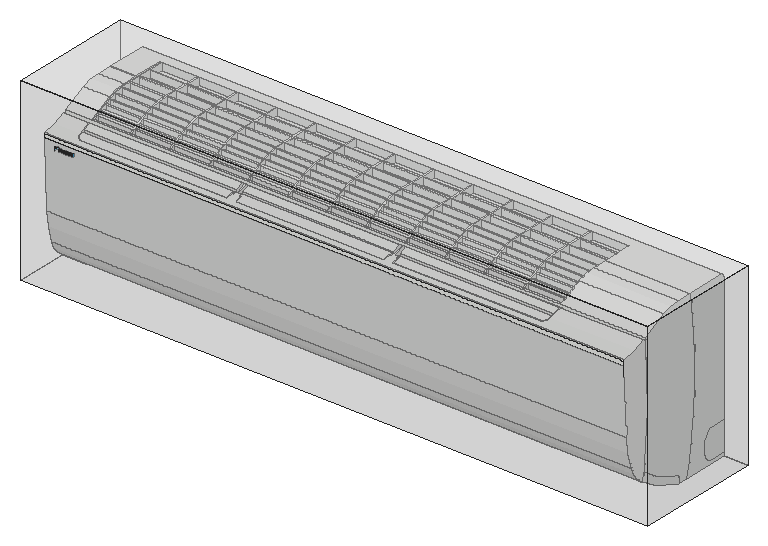
Revit family "outputfile", category 機械設備, Revit 2024 (continued)
Definition of nested family "DAIKIN_indoorunit_FTXM-PAVMA"
  Forms (mm)
    Extrusion 43, void
      sketch origin (2031, -3000, 770.025) x (-1, 0, 0) y (0, -1, 0)
        loop
          line (2469.102, -2827.654) -> (2543, -2827.654) -> (2543, -2819.336) -> (2469.102, -2819.336) -> (2469.102, -2827.654)
        loop
          line (2469.102, -2838.661) -> (2543, -2838.661) -> (2543, -2830.33) -> (2469.102, -2830.33) -> (2469.102, -2838.661)
        loop
          line (2469.102, -2852.675) -> (2543, -2852.675) -> (2543, -2841.325) -> (2469.102, -2841.325) -> (2469.102, -2852.675)
        loop
          line (2469.102, -2868.69) -> (2543, -2868.69) -> (2543, -2855.314) -> (2469.102, -2855.314) -> (2469.102, -2868.69)
        loop
          line (2469.102, -2889.694) -> (2543, -2889.694) -> (2543, -2871.306) -> (2469.102, -2871.306) -> (2469.102, -2889.694)
        loop
          line (2469.102, -2913.694) -> (2543, -2913.694) -> (2543, -2892.306) -> (2469.102, -2892.306) -> (2469.102, -2913.694)
        loop
          line (2469.102, -2941.694) -> (2543, -2941.694) -> (2543, -2916.306) -> (2469.102, -2916.306) -> (2469.102, -2941.694)
        loop
          line (2387.902, -2972.2) -> (2466.102, -2972.2) -> (2466.102, -2944.306) -> (2387.902, -2944.306) -> (2387.902, -2972.2)
        loop
          line (2387.902, -2806.638) -> (2466.102, -2806.638) -> (2466.102, -2799.5) -> (2387.902, -2799.5) -> (2387.902, -2806.638)
        loop
          line (2387.902, -2816.646) -> (2466.102, -2816.646) -> (2466.102, -2809.343) -> (2387.902, -2809.343) -> (2387.902, -2816.646)
        loop
          line (2387.902, -2827.654) -> (2466.102, -2827.654) -> (2466.102, -2819.336) -> (2387.902, -2819.336) -> (2387.902, -2827.654)
        loop
          line (2387.902, -2838.661) -> (2466.102, -2838.661) -> (2466.102, -2830.33) -> (2387.902, -2830.33) -> (2387.902, -2838.661)
        loop
          line (2387.902, -2852.675) -> (2466.102, -2852.675) -> (2466.102, -2841.325) -> (2387.902, -2841.325) -> (2387.902, -2852.675)
        loop
          line (2387.902, -2868.69) -> (2466.102, -2868.69) -> (2466.102, -2855.314) -> (2387.902, -2855.314) -> (2387.902, -2868.69)
        loop
          line (2387.902, -2889.694) -> (2466.102, -2889.694) -> (2466.102, -2871.306) -> (2387.902, -2871.306) -> (2387.902, -2889.694)
        loop
          line (2387.902, -2913.694) -> (2466.102, -2913.694) -> (2466.102, -2892.306) -> (2387.902, -2892.306) -> (2387.902, -2913.694)
        loop
          line (2387.902, -2941.694) -> (2466.102, -2941.694) -> (2466.102, -2916.306) -> (2387.902, -2916.306) -> (2387.902, -2941.694)
        loop
          line (2225.152, -2972.2) -> (2303.702, -2972.2) -> (2303.702, -2944.306) -> (2225.152, -2944.306) -> (2225.152, -2972.2)
        loop
          line (2225.152, -2806.638) -> (2303.702, -2806.638) -> (2303.702, -2799.5) -> (2225.152, -2799.5) -> (2225.152, -2806.638)
        loop
          line (2225.152, -2816.646) -> (2303.702, -2816.646) -> (2303.702, -2809.343) -> (2225.152, -2809.343) -> (2225.152, -2816.646)
        loop
          line (2225.152, -2827.654) -> (2303.702, -2827.654) -> (2303.702, -2819.336) -> (2225.152, -2819.336) -> (2225.152, -2827.654)
        loop
          line (2225.152, -2838.661) -> (2303.702, -2838.661) -> (2303.702, -2830.33) -> (2225.152, -2830.33) -> (2225.152, -2838.661)
        loop
          line (2225.152, -2852.675) -> (2303.702, -2852.675) -> (2303.702, -2841.325) -> (2225.152, -2841.325) -> (2225.152, -2852.675)
        loop
          line (2225.152, -2868.69) -> (2303.702, -2868.69) -> (2303.702, -2855.314) -> (2225.152, -2855.314) -> (2225.152, -2868.69)
        loop
          line (2225.152, -2889.694) -> (2303.702, -2889.694) -> (2303.702, -2871.306) -> (2225.152, -2871.306) -> (2225.152, -2889.694)
        loop
          line (2225.152, -2913.694) -> (2303.702, -2913.694) -> (2303.702, -2892.306) -> (2225.152, -2892.306) -> (2225.152, -2913.694)
        loop
          line (2225.152, -2941.694) -> (2303.702, -2941.694) -> (2303.702, -2916.306) -> (2225.152, -2916.306) -> (2225.152, -2941.694)
        loop
          line (2306.702, -2972.2) -> (2384.902, -2972.2) -> (2384.902, -2944.306) -> (2306.702, -2944.306) -> (2306.702, -2972.2)
        loop
          line (2306.702, -2806.638) -> (2384.902, -2806.638) -> (2384.902, -2799.5) -> (2306.702, -2799.5) -> (2306.702, -2806.638)
        loop
          line (2306.702, -2816.646) -> (2384.902, -2816.646) -> (2384.902, -2809.343) -> (2306.702, -2809.343) -> (2306.702, -2816.646)
        loop
          line (2306.702, -2827.654) -> (2384.902, -2827.654) -> (2384.902, -2819.336) -> (2306.702, -2819.336) -> (2306.702, -2827.654)
        loop
          line (2306.702, -2838.661) -> (2384.902, -2838.661) -> (2384.902, -2830.33) -> (2306.702, -2830.33) -> (2306.702, -2838.661)
        loop
          line (2306.702, -2852.675) -> (2384.902, -2852.675) -> (2384.902, -2841.325) -> (2306.702, -2841.325) -> (2306.702, -2852.675)
        loop
          line (2306.702, -2868.69) -> (2384.902, -2868.69) -> (2384.902, -2855.314) -> (2306.702, -2855.314) -> (2306.702, -2868.69)
        loop
          line (2306.702, -2889.694) -> (2384.902, -2889.694) -> (2384.902, -2871.306) -> (2306.702, -2871.306) -> (2306.702, -2889.694)
        loop
          line (2306.702, -2913.694) -> (2384.902, -2913.694) -> (2384.902, -2892.306) -> (2306.702, -2892.306) -> (2306.702, -2913.694)
        loop
          line (2306.702, -2941.694) -> (2384.902, -2941.694) -> (2384.902, -2916.306) -> (2306.702, -2916.306) -> (2306.702, -2941.694)
        loop
          line (2143.602, -2972.2) -> (2222.652, -2972.2) -> (2222.652, -2944.306) -> (2143.602, -2944.306) -> (2143.602, -2972.2)
        loop
          line (2143.602, -2806.638) -> (2222.652, -2806.638) -> (2222.652, -2799.5) -> (2143.602, -2799.5) -> (2143.602, -2806.638)
        loop
          line (2143.602, -2816.646) -> (2222.652, -2816.646) -> (2222.652, -2809.343) -> (2143.602, -2809.343) -> (2143.602, -2816.646)
        loop
          line (2143.602, -2827.654) -> (2222.652, -2827.654) -> (2222.652, -2819.336) -> (2143.602, -2819.336) -> (2143.602, -2827.654)
        loop
          line (2143.602, -2838.661) -> (2222.652, -2838.661) -> (2222.652, -2830.33) -> (2143.602, -2830.33) -> (2143.602, -2838.661)
        loop
          line (2143.602, -2852.675) -> (2222.652, -2852.675) -> (2222.652, -2841.325) -> (2143.602, -2841.325) -> (2143.602, -2852.675)
        loop
          line (2144.102, -2868.69) -> (2222.652, -2868.69) -> (2222.652, -2855.314) -> (2144.102, -2855.314) -> (2144.102, -2868.69)
        loop
          line (2143.602, -2889.694) -> (2222.652, -2889.694) -> (2222.652, -2871.306) -> (2143.602, -2871.306) -> (2143.602, -2889.694)
        loop
          line (2143.602, -2913.694) -> (2222.652, -2913.694) -> (2222.652, -2892.306) -> (2143.602, -2892.306) -> (2143.602, -2913.694)
        loop
          line (2143.602, -2941.694) -> (2222.652, -2941.694) -> (2222.652, -2916.306) -> (2143.602, -2916.306) -> (2143.602, -2941.694)
        loop
          line (2062.402, -2972.2) -> (2140.602, -2972.2) -> (2140.602, -2944.306) -> (2062.402, -2944.306) -> (2062.402, -2972.2)
        loop
          line (2062.402, -2806.638) -> (2140.602, -2806.638) -> (2140.602, -2799.5) -> (2062.402, -2799.5) -> (2062.402, -2806.638)
        loop
          line (2062.402, -2816.646) -> (2140.602, -2816.646) -> (2140.602, -2809.343) -> (2062.402, -2809.343) -> (2062.402, -2816.646)
        loop
          line (2062.402, -2827.654) -> (2140.602, -2827.654) -> (2140.602, -2819.336) -> (2062.402, -2819.336) -> (2062.402, -2827.654)
        loop
          line (2062.402, -2838.661) -> (2140.602, -2838.661) -> (2140.602, -2830.33) -> (2062.402, -2830.33) -> (2062.402, -2838.661)
        loop
          line (2062.402, -2852.675) -> (2140.602, -2852.675) -> (2140.602, -2841.325) -> (2062.402, -2841.325) -> (2062.402, -2852.675)
        loop
          line (2062.402, -2868.69) -> (2140.602, -2868.69) -> (2140.602, -2855.314) -> (2062.402, -2855.314) -> (2062.402, -2868.69)
        loop
          line (2062.402, -2889.694) -> (2140.602, -2889.694) -> (2140.602, -2871.306) -> (2062.402, -2871.306) -> (2062.402, -2889.694)
        loop
          line (2062.402, -2913.694) -> (2140.602, -2913.694) -> (2140.602, -2892.306) -> (2062.402, -2892.306) -> (2062.402, -2913.694)
        loop
          line (2062.402, -2941.694) -> (2140.602, -2941.694) -> (2140.602, -2916.306) -> (2062.402, -2916.306) -> (2062.402, -2941.694)
        loop
          line (1981.202, -2972.2) -> (2059.402, -2972.2) -> (2059.402, -2944.306) -> (1981.202, -2944.306) -> (1981.202, -2972.2)
        loop
          line (1981.202, -2806.638) -> (2059.402, -2806.638) -> (2059.402, -2799.5) -> (1981.202, -2799.5) -> (1981.202, -2806.638)
        loop
          line (1981.202, -2816.646) -> (2059.402, -2816.646) -> (2059.402, -2809.343) -> (1981.202, -2809.343) -> (1981.202, -2816.646)
        loop
          line (1981.202, -2827.654) -> (2059.402, -2827.654) -> (2059.402, -2819.336) -> (1981.202, -2819.336) -> (1981.202, -2827.654)
        loop
          line (1981.202, -2838.661) -> (2059.402, -2838.661) -> (2059.402, -2830.33) -> (1981.202, -2830.33) -> (1981.202, -2838.661)
        loop
          line (1981.202, -2852.675) -> (2059.402, -2852.675) -> (2059.402, -2841.325) -> (1981.202, -2841.325) -> (1981.202, -2852.675)
        loop
          line (1981.202, -2868.69) -> (2059.402, -2868.69) -> (2059.402, -2855.314) -> (1981.202, -2855.314) -> (1981.202, -2868.69)
        loop
          line (1981.202, -2889.694) -> (2059.402, -2889.694) -> (2059.402, -2871.306) -> (1981.202, -2871.306) -> (1981.202, -2889.694)
        loop
          line (1981.202, -2913.694) -> (2059.402, -2913.694) -> (2059.402, -2892.306) -> (1981.202, -2892.306) -> (1981.202, -2913.694)
        loop
          line (1981.202, -2941.694) -> (2059.402, -2941.694) -> (2059.402, -2916.306) -> (1981.202, -2916.306) -> (1981.202, -2941.694)
        loop
          line (1899.652, -2972.2) -> (1978.202, -2972.2) -> (1978.202, -2944.306) -> (1899.652, -2944.306) -> (1899.652, -2972.2)
        loop
          line (1899.652, -2806.638) -> (1978.202, -2806.638) -> (1978.202, -2799.5) -> (1899.652, -2799.5) -> (1899.652, -2806.638)
        loop
          line (1899.652, -2816.646) -> (1978.202, -2816.646) -> (1978.202, -2809.343) -> (1899.652, -2809.343) -> (1899.652, -2816.646)
        loop
          line (1899.652, -2827.654) -> (1978.202, -2827.654) -> (1978.202, -2819.336) -> (1899.652, -2819.336) -> (1899.652, -2827.654)
        loop
          line (1899.652, -2838.661) -> (1978.202, -2838.661) -> (1978.202, -2830.33) -> (1899.652, -2830.33) -> (1899.652, -2838.661)
        loop
          line (1899.652, -2852.675) -> (1978.202, -2852.675) -> (1978.202, -2841.325) -> (1899.652, -2841.325) -> (1899.652, -2852.675)
        loop
          line (1899.652, -2868.69) -> (1978.202, -2868.69) -> (1978.202, -2855.314) -> (1899.652, -2855.314) -> (1899.652, -2868.69)
        loop
          line (1899.652, -2889.694) -> (1978.202, -2889.694) -> (1978.202, -2871.306) -> (1899.652, -2871.306) -> (1899.652, -2889.694)
        loop
          line (1899.652, -2913.694) -> (1978.202, -2913.694) -> (1978.202, -2892.306) -> (1899.652, -2892.306) -> (1899.652, -2913.694)
        loop
          line (1899.652, -2941.694) -> (1978.202, -2941.694) -> (1978.202, -2916.306) -> (1899.652, -2916.306) -> (1899.652, -2941.694)
        loop
          line (1818.102, -2972.2) -> (1897.152, -2972.2) -> (1897.152, -2944.306) -> (1818.102, -2944.306) -> (1818.102, -2972.2)
        loop
          line (1818.102, -2806.638) -> (1897.152, -2806.638) -> (1897.152, -2799.5) -> (1818.102, -2799.5) -> (1818.102, -2806.638)
        loop
          line (1818.102, -2816.646) -> (1897.152, -2816.646) -> (1897.152, -2809.343) -> (1818.102, -2809.343) -> (1818.102, -2816.646)
        loop
          line (1818.102, -2827.654) -> (1897.152, -2827.654) -> (1897.152, -2819.336) -> (1818.102, -2819.336) -> (1818.102, -2827.654)
        loop
          line (1818.102, -2838.661) -> (1897.152, -2838.661) -> (1897.152, -2830.33) -> (1818.102, -2830.33) -> (1818.102, -2838.661)
        loop
          line (1818.102, -2852.675) -> (1897.152, -2852.675) -> (1897.152, -2841.325) -> (1818.102, -2841.325) -> (1818.102, -2852.675)
        loop
          line (1818.602, -2868.69) -> (1897.152, -2868.69) -> (1897.152, -2855.314) -> (1818.602, -2855.314) -> (1818.602, -2868.69)
        loop
          line (1818.102, -2889.694) -> (1897.152, -2889.694) -> (1897.152, -2871.306) -> (1818.102, -2871.306) -> (1818.102, -2889.694)
        loop
          line (1818.102, -2913.694) -> (1897.152, -2913.694) -> (1897.152, -2892.306) -> (1818.102, -2892.306) -> (1818.102, -2913.694)
        loop
          line (1818.102, -2941.694) -> (1897.152, -2941.694) -> (1897.152, -2916.306) -> (1818.102, -2916.306) -> (1818.102, -2941.694)
        loop
          line (1736.902, -2972.2) -> (1815.102, -2972.2) -> (1815.102, -2944.306) -> (1736.902, -2944.306) -> (1736.902, -2972.2)
        loop
          line (1736.902, -2806.638) -> (1815.102, -2806.638) -> (1815.102, -2799.5) -> (1736.902, -2799.5) -> (1736.902, -2806.638)
        loop
          line (1736.902, -2816.646) -> (1815.102, -2816.646) -> (1815.102, -2809.343) -> (1736.902, -2809.343) -> (1736.902, -2816.646)
        loop
          line (1736.902, -2827.654) -> (1815.102, -2827.654) -> (1815.102, -2819.336) -> (1736.902, -2819.336) -> (1736.902, -2827.654)
        loop
          line (1736.902, -2838.661) -> (1815.102, -2838.661) -> (1815.102, -2830.33) -> (1736.902, -2830.33) -> (1736.902, -2838.661)
        loop
          line (1736.902, -2852.675) -> (1815.102, -2852.675) -> (1815.102, -2841.325) -> (1736.902, -2841.325) -> (1736.902, -2852.675)
        loop
          line (1736.902, -2868.69) -> (1815.102, -2868.69) -> (1815.102, -2855.314) -> (1736.902, -2855.314) -> (1736.902, -2868.69)
        loop
          line (1736.902, -2889.694) -> (1815.102, -2889.694) -> (1815.102, -2871.306) -> (1736.902, -2871.306) -> (1736.902, -2889.694)
        loop
          line (1736.902, -2913.694) -> (1815.102, -2913.694) -> (1815.102, -2892.306) -> (1736.902, -2892.306) -> (1736.902, -2913.694)
        loop
          line (1736.902, -2941.694) -> (1815.102, -2941.694) -> (1815.102, -2916.306) -> (1736.902, -2916.306) -> (1736.902, -2941.694)
        loop
          line (1655.702, -2972.2) -> (1733.902, -2972.2) -> (1733.902, -2944.306) -> (1655.702, -2944.306) -> (1655.702, -2972.2)
        loop
          line (1655.702, -2806.638) -> (1733.902, -2806.638) -> (1733.902, -2799.5) -> (1655.702, -2799.5) -> (1655.702, -2806.638)
        loop
          line (1655.702, -2816.646) -> (1733.902, -2816.646) -> (1733.902, -2809.343) -> (1655.702, -2809.343) -> (1655.702, -2816.646)
        loop
          line (1655.702, -2827.654) -> (1733.902, -2827.654) -> (1733.902, -2819.336) -> (1655.702, -2819.336) -> (1655.702, -2827.654)
        loop
          line (1655.702, -2838.661) -> (1733.902, -2838.661) -> (1733.902, -2830.33) -> (1655.702, -2830.33) -> (1655.702, -2838.661)
        loop
          line (1655.702, -2852.675) -> (1733.902, -2852.675) -> (1733.902, -2841.325) -> (1655.702, -2841.325) -> (1655.702, -2852.675)
        loop
          line (1655.702, -2868.69) -> (1733.902, -2868.69) -> (1733.902, -2855.314) -> (1655.702, -2855.314) -> (1655.702, -2868.69)
        loop
          line (1655.702, -2889.694) -> (1733.902, -2889.694) -> (1733.902, -2871.306) -> (1655.702, -2871.306) -> (1655.702, -2889.694)
        loop
          line (1655.702, -2913.694) -> (1733.902, -2913.694) -> (1733.902, -2892.306) -> (1655.702, -2892.306) -> (1655.702, -2913.694)
        loop
          line (1655.702, -2941.694) -> (1733.902, -2941.694) -> (1733.902, -2916.306) -> (1655.702, -2916.306) -> (1655.702, -2941.694)
        loop
          line (1575, -2972.2) -> (1652.702, -2972.2) -> (1652.702, -2944.306) -> (1575, -2944.306) -> (1575, -2972.2)
        loop
          line (1575, -2806.638) -> (1652.702, -2806.638) -> (1652.702, -2799.5) -> (1575, -2799.5) -> (1575, -2806.638)
        loop
          line (1575, -2816.646) -> (1652.702, -2816.646) -> (1652.702, -2809.343) -> (1575, -2809.343) -> (1575, -2816.646)
        loop
          line (1575, -2827.654) -> (1652.702, -2827.654) -> (1652.702, -2819.336) -> (1575, -2819.336) -> (1575, -2827.654)
        loop
          line (1575, -2838.661) -> (1652.702, -2838.661) -> (1652.702, -2830.33) -> (1575, -2830.33) -> (1575, -2838.661)
        loop
          line (1575, -2852.675) -> (1652.702, -2852.675) -> (1652.702, -2841.325) -> (1575, -2841.325) -> (1575, -2852.675)
        loop
          line (1575, -2868.69) -> (1652.702, -2868.69) -> (1652.702, -2855.314) -> (1575, -2855.314) -> (1575, -2868.69)
        loop
          line (1575, -2889.694) -> (1652.702, -2889.694) -> (1652.702, -2871.306) -> (1575, -2871.306) -> (1575, -2889.694)
        loop
          line (1575, -2913.694) -> (1652.702, -2913.694) -> (1652.702, -2892.306) -> (1575, -2892.306) -> (1575, -2913.694)
        loop
          line (1575, -2941.694) -> (1652.702, -2941.694) -> (1652.702, -2916.306) -> (1575, -2916.306) -> (1575, -2941.694)
      from -762.353 to -819.974
  Cuts and joins
    Extrusion 9 cuts Extrusion 1
    Extrusion 10 cuts Extrusion 4
    joined: Extrusion 3, Extrusion 4
    Extrusion 18 cuts Extrusion 15
    Extrusion 19 cuts Extrusion 24
    joined: Extrusion 17, Extrusion 24
    Extrusion 43 cuts Extrusion 39
    Extrusion 38 cuts Extrusion 33
    Extrusion 38 cuts Extrusion 32
    Extrusion 40 cuts Extrusion 37
    Extrusion 42 cuts Extrusion 41
    Extrusion 35 cuts Extrusion 34
  Lines and regions (mm)
    reference lines
      curve 1: line (-523, -201.911, -229.404) -> (-523, -193.542, -239.977)
      curve 2: line (-523, -240.779, -229.404) -> (-523, -232.411, -239.977)
      curve 3: line (-523, -258.828, -65.45) -> (-523, -258.639, -75.448)
  Dimensions and locks
    locked: Extrusion 10 sketch curve to Extrusion 10 sketch curve at 1194
    Extrusion 10 sketch curve to Extrusion 10 sketch curve = 1194.0 mm
    locked: Extrusion 12 sketch curve to Extrusion 12 sketch curve at 60
    locked: Extrusion 12 sketch curve to Extrusion 12 sketch curve at 50
    locked: Extrusion 14 sketch curve to Extrusion 14 sketch curve at 60  (x2)
    locked: Extrusion 14 sketch curve to Extrusion 14 sketch curve at 50
    equal spacing: plane 5, plane 3 "Center (Left/Right)", plane 4
    "Width": plane 5 to plane 4
    "WALL HOLE_L": Extrusion 11 sketch curve to plane 4
    "WALL HOLE-R": plane 5 to Extrusion 11 sketch curve
    "Height": plane 2 "reference_level" to plane 6
    "WALL HOLE_H": Extrusion 11 sketch curve to plane 6  (x2)
    locked: cut or joined group of Extrusion 3, Extrusion 4, Extrusion 10 to nested 1 at 15
    locked: Extrusion 17 to nested 2 at 15
    locked: Extrusion 26 sketch curve to Extrusion 26 sketch curve at 60
    locked: Extrusion 26 sketch curve to Extrusion 26 sketch curve at 50
    locked: Extrusion 27 sketch curve to Extrusion 27 sketch curve at 60
    locked: Extrusion 27 sketch curve to Extrusion 27 sketch curve at 50
    locked: Extrusion 28 sketch curve to Extrusion 28 sketch curve at 60  (x2)
    locked: Extrusion 28 sketch curve to Extrusion 28 sketch curve at 50  (x2)
    locked: Extrusion 29 sketch curve to Extrusion 29 sketch curve at 60
    locked: Extrusion 29 sketch curve to Extrusion 29 sketch curve at 50
    locked: Extrusion 31 sketch curve to Extrusion 31 sketch curve at 60  (x2)
    locked: Extrusion 31 sketch curve to Extrusion 31 sketch curve at 50
    "WALL HOLE Size": diameter of Extrusion 11 sketch curve  (x2)
    aligned and locked: level to plane 2 "reference_level"
    aligned and locked: nested 1 to curve 1
    aligned and locked: Extrusion 13 sketch curve to Extrusion 12  (x4)
    aligned and locked: Extrusion 14 sketch curve to Extrusion 14 sketch curve  (x2)
    aligned and locked: Extrusion 11 to plane 1 "Center (Front/Back)"
    aligned and locked: nested 2 to curve 2
    aligned and locked: Extrusion 30 sketch curve to Extrusion 29  (x4)
    aligned and locked: Extrusion 31 sketch curve to Extrusion 31 sketch curve  (x2)
  Automatic sketch dimensions
    Extrusion 10 sketch curve to plane 3 "Center (Left/Right)" = 597.0 mm
    Extrusion 10 sketch curve to plane 3 "Center (Left/Right)" = 2.0 mm
    Extrusion 10 sketch curve to level = 352.872 mm
    Extrusion 10 sketch curve to level = 175.856 mm
    Extrusion 10 sketch curve to level = 174.907 mm
    curve 1 to level = 239.977 mm
    plane 1 "Center (Front/Back)" to curve 1 = 193.542 mm
    curve 2 to curve 1 = 0.0 mm
    curve 2 to curve 2 = 10.573 mm
    curve 1 to curve 1 = 10.573 mm
    curve 1 to curve 1 = 8.368 mm
    curve 1 to curve 2 = 30.5 mm
    curve 2 to curve 2 = 8.368 mm
    Extrusion 19 sketch curve to plane 3 "Center (Left/Right)" = 707.0 mm
    plane 3 "Center (Left/Right)" to Extrusion 19 sketch curve = 2.0 mm
    plane 3 "Center (Left/Right)" to Extrusion 19 sketch curve = 707.0 mm
    Extrusion 19 sketch curve to level = 372.872 mm
    Extrusion 19 sketch curve to level = 162.4 mm
    Extrusion 19 sketch curve to level = 161.567 mm
    Extrusion 1 sketch curve to level = 0.0 mm
    Extrusion 1 sketch curve to plane 1 "Center (Front/Back)" = 0.0 mm
    plane 1 "Center (Front/Back)" to Extrusion 1 sketch curve = 5.0 mm
    plane 1 "Center (Front/Back)" to Extrusion 1 sketch curve = 98.0 mm
    Extrusion 1 sketch curve to Extrusion 1 sketch curve = 0.07 mm
    Extrusion 1 sketch curve to level = 59.292 mm
    Extrusion 1 sketch curve to plane 1 "Center (Front/Back)" = 1977.0 mm
    Extrusion 1 sketch curve to level = 250.0 mm
    Extrusion 1 sketch curve to Extrusion 1 sketch curve = 0.0 mm
    Extrusion 1 sketch curve to level = 8.0 mm
    Extrusion 1 sketch curve to level = 28.427 mm
    plane 1 "Center (Front/Back)" to Extrusion 2 sketch curve = 180.748 mm
    Extrusion 2 sketch curve to Extrusion 2 sketch curve = 4.0 mm
    Extrusion 2 sketch curve to Extrusion 2 sketch curve = 77.747 mm
    plane 1 "Center (Front/Back)" to Extrusion 2 sketch curve = 59.279 mm
    Extrusion 2 sketch curve to Extrusion 2 sketch curve = 0.0 mm
    Extrusion 2 sketch curve to level = 283.538 mm
    Extrusion 2 sketch curve to Extrusion 2 sketch curve = 8.116 mm
    Extrusion 2 sketch curve to Extrusion 2 sketch curve = 21.583 mm
    Extrusion 2 sketch curve to Extrusion 2 sketch curve = 6.929 mm
    Extrusion 3 sketch curve to level = 19.961 mm
    plane 1 "Center (Front/Back)" to Extrusion 3 sketch curve = 223.0 mm
    Extrusion 3 sketch curve to level = 17.235 mm
    Extrusion 3 sketch curve to Extrusion 3 sketch curve = 8.406 mm
    plane 1 "Center (Front/Back)" to Extrusion 3 sketch curve = 181.517 mm
    Extrusion 3 sketch curve to Extrusion 3 sketch curve = 4.087 mm
    Extrusion 3 sketch curve to Extrusion 3 sketch curve = 69.11 mm
    Extrusion 3 sketch curve to Extrusion 3 sketch curve = 0.001 mm
    Extrusion 3 sketch curve to plane 1 "Center (Front/Back)" = 8.955 mm
    Extrusion 3 sketch curve to Extrusion 3 sketch curve = 0.067 mm
    Extrusion 3 sketch curve to level = 60.455 mm
    Extrusion 3 sketch curve to Extrusion 3 sketch curve = 1917.898 mm
    Extrusion 3 sketch curve to Extrusion 3 sketch curve = 44.907 mm
    Extrusion 3 sketch curve to Extrusion 3 sketch curve = 5.172 mm
    Extrusion 3 sketch curve to level = 150.456 mm
    Extrusion 3 sketch curve to Extrusion 3 sketch curve = 0.006 mm
    Extrusion 3 sketch curve to Extrusion 3 sketch curve = 19.265 mm
    Extrusion 3 sketch curve to Extrusion 3 sketch curve = 0.004 mm
    Extrusion 3 sketch curve to Extrusion 3 sketch curve = 76.368 mm
    Extrusion 3 sketch curve to Extrusion 3 sketch curve = 7.077 mm
    Extrusion 3 sketch curve to Extrusion 3 sketch curve = 1.002 mm
    Extrusion 3 sketch curve to Extrusion 3 sketch curve = 0.046 mm
    Extrusion 3 sketch curve to Extrusion 3 sketch curve = 8.005 mm
    Extrusion 3 sketch curve to Extrusion 3 sketch curve = 0.147 mm
    Extrusion 3 sketch curve to Extrusion 3 sketch curve = 0.0 mm
    plane 1 "Center (Front/Back)" to Extrusion 4 sketch curve = 217.853 mm
    Extrusion 4 sketch curve to Extrusion 4 sketch curve = 4.664 mm
    Extrusion 4 sketch curve to Extrusion 4 sketch curve = 26.964 mm
    Extrusion 4 sketch curve to Extrusion 4 sketch curve = 4.708 mm
    Extrusion 4 sketch curve to Extrusion 4 sketch curve = 1.92 mm
    Extrusion 4 sketch curve to Extrusion 4 sketch curve = 68.441 mm
    Extrusion 4 sketch curve to Extrusion 4 sketch curve = 2.837 mm
    Extrusion 4 sketch curve to Extrusion 4 sketch curve = 38.066 mm
    level to Extrusion 4 sketch curve = 640.031 mm
    Extrusion 4 sketch curve to plane 1 "Center (Front/Back)" = 3958.661 mm
    Extrusion 4 sketch curve to level = 111.946 mm
    Extrusion 4 sketch curve to Extrusion 4 sketch curve = 57.779 mm
    Extrusion 4 sketch curve to Extrusion 4 sketch curve = 3.149 mm
    Extrusion 4 sketch curve to Extrusion 4 sketch curve = 14.078 mm
    Extrusion 4 sketch curve to Extrusion 4 sketch curve = 0.754 mm
    Extrusion 4 sketch curve to Extrusion 4 sketch curve = 0.239 mm
    Extrusion 4 sketch curve to Extrusion 4 sketch curve = 3.324 mm
    Extrusion 4 sketch curve to Extrusion 4 sketch curve = 0.0 mm
    Extrusion 5 sketch curve to plane 1 "Center (Front/Back)" = 0.0 mm
    plane 1 "Center (Front/Back)" to Extrusion 5 sketch curve = 59.278 mm
    Extrusion 5 sketch curve to Extrusion 5 sketch curve = 98.0 mm
    Extrusion 5 sketch curve to Extrusion 5 sketch curve = 0.0 mm  (x3)
    Extrusion 5 sketch curve to level = 8.0 mm
    Extrusion 5 sketch curve to Extrusion 5 sketch curve = 38.791 mm
    Extrusion 5 sketch curve to Extrusion 5 sketch curve = 10.249 mm
    Extrusion 5 sketch curve to plane 1 "Center (Front/Back)" = 9.11 mm
    Extrusion 5 sketch curve to level = 59.292 mm
    Extrusion 5 sketch curve to Extrusion 5 sketch curve = 1967.89 mm
    Extrusion 5 sketch curve to Extrusion 5 sketch curve = 142.454 mm
    Extrusion 5 sketch curve to Extrusion 5 sketch curve = 19.271 mm
    Extrusion 5 sketch curve to Extrusion 5 sketch curve = 80.275 mm
    Extrusion 5 sketch curve to Extrusion 5 sketch curve = 24.579 mm
    Extrusion 5 sketch curve to Extrusion 5 sketch curve = 10.421 mm
    Extrusion 5 sketch curve to level = 46.847 mm
    Extrusion 5 sketch curve to Extrusion 5 sketch curve = 77.412 mm
    Extrusion 5 sketch curve to Extrusion 5 sketch curve = 33.49 mm
    Extrusion 5 sketch curve to Extrusion 5 sketch curve = 2.68 mm
    plane 1 "Center (Front/Back)" to Extrusion 6 sketch curve = 180.748 mm
    Extrusion 6 sketch curve to Extrusion 6 sketch curve = 4.0 mm
    Extrusion 6 sketch curve to Extrusion 6 sketch curve = 77.747 mm
    plane 1 "Center (Front/Back)" to Extrusion 6 sketch curve = 59.279 mm
    Extrusion 6 sketch curve to Extrusion 6 sketch curve = 0.0 mm
    Extrusion 6 sketch curve to level = 283.538 mm
    Extrusion 6 sketch curve to Extrusion 6 sketch curve = 8.116 mm
    Extrusion 6 sketch curve to Extrusion 6 sketch curve = 21.583 mm
    Extrusion 6 sketch curve to Extrusion 6 sketch curve = 6.929 mm
    plane 1 "Center (Front/Back)" to Extrusion 7 sketch curve = 180.748 mm
    Extrusion 7 sketch curve to Extrusion 7 sketch curve = 4.0 mm
    Extrusion 7 sketch curve to Extrusion 7 sketch curve = 65.247 mm
    plane 1 "Center (Front/Back)" to Extrusion 7 sketch curve = 59.279 mm
    Extrusion 7 sketch curve to Extrusion 7 sketch curve = 0.0 mm
    Extrusion 7 sketch curve to level = 281.097 mm
    Extrusion 7 sketch curve to Extrusion 7 sketch curve = 8.203 mm
    Extrusion 7 sketch curve to Extrusion 7 sketch curve = 19.055 mm
    Extrusion 7 sketch curve to Extrusion 7 sketch curve = 6.929 mm
    plane 1 "Center (Front/Back)" to Extrusion 8 sketch curve = 180.748 mm
    Extrusion 8 sketch curve to Extrusion 8 sketch curve = 4.0 mm
    Extrusion 8 sketch curve to Extrusion 8 sketch curve = 65.247 mm
    plane 1 "Center (Front/Back)" to Extrusion 8 sketch curve = 59.279 mm
    Extrusion 8 sketch curve to Extrusion 8 sketch curve = 0.0 mm
    Extrusion 8 sketch curve to level = 281.097 mm
    Extrusion 8 sketch curve to Extrusion 8 sketch curve = 8.203 mm
    Extrusion 8 sketch curve to Extrusion 8 sketch curve = 19.055 mm
    Extrusion 8 sketch curve to Extrusion 8 sketch curve = 6.929 mm
    plane 1 "Center (Front/Back)" to Extrusion 9 sketch curve = 165.259 mm  (x2)
    Extrusion 9 sketch curve to plane 3 "Center (Left/Right)" = 354.941 mm
    plane 1 "Center (Front/Back)" to Extrusion 9 sketch curve = 22.316 mm  (x3)
    Extrusion 9 sketch curve to Extrusion 9 sketch curve = 0.0 mm  (x26)
    Extrusion 9 sketch curve to Extrusion 9 sketch curve = 102.268 mm  (x2)
    Extrusion 9 sketch curve to Extrusion 9 sketch curve = 3.332 mm  (x4)
    Extrusion 9 sketch curve to Extrusion 9 sketch curve = 97.768 mm  (x2)
    Extrusion 9 sketch curve to Extrusion 9 sketch curve = 3.264 mm  (x3)
    plane 3 "Center (Left/Right)" to Extrusion 9 sketch curve = 58.309 mm
    Extrusion 9 sketch curve to Extrusion 9 sketch curve = 3.38 mm  (x3)
    Extrusion 9 sketch curve to Extrusion 9 sketch curve = 2.124 mm  (x6)
    Extrusion 9 sketch curve to Extrusion 9 sketch curve = 25.299 mm  (x2)
    Extrusion 9 sketch curve to Extrusion 9 sketch curve = 70.6 mm
    Extrusion 9 sketch curve to Extrusion 9 sketch curve = 3.317 mm  (x4)
    Extrusion 12 sketch curve to plane 1 "Center (Front/Back)" = 0.0 mm
    Extrusion 12 sketch curve to Extrusion 12 sketch curve = 20.0 mm  (x2)
    Extrusion 12 sketch curve to level = 277.0 mm
    plane 1 "Center (Front/Back)" to Extrusion 14 sketch curve = 0.0 mm
    plane 3 "Center (Left/Right)" to Extrusion 14 sketch curve = 374.0 mm
    Extrusion 14 sketch curve to Extrusion 14 sketch curve = 20.0 mm  (x3)
    plane 1 "Center (Front/Back)" to Extrusion 14 sketch curve = 30.0 mm
    Extrusion 14 sketch curve to plane 3 "Center (Left/Right)" = 314.0 mm
    Extrusion 15 sketch curve to level = 0.0 mm
    Extrusion 15 sketch curve to plane 1 "Center (Front/Back)" = 0.0 mm
    plane 1 "Center (Front/Back)" to Extrusion 15 sketch curve = 5.0 mm
    Extrusion 15 sketch curve to Extrusion 15 sketch curve = 133.0 mm
    Extrusion 15 sketch curve to Extrusion 15 sketch curve = 0.013 mm
    Extrusion 15 sketch curve to level = 59.292 mm
    Extrusion 15 sketch curve to plane 1 "Center (Front/Back)" = 1937.0 mm
    Extrusion 15 sketch curve to Extrusion 15 sketch curve = 250.0 mm
    Extrusion 15 sketch curve to Extrusion 15 sketch curve = 4.393 mm
    Extrusion 15 sketch curve to level = 8.0 mm
    Extrusion 15 sketch curve to level = 28.427 mm
    plane 1 "Center (Front/Back)" to Extrusion 16 sketch curve = 218.957 mm
    Extrusion 16 sketch curve to Extrusion 16 sketch curve = 5.601 mm
    Extrusion 16 sketch curve to Extrusion 16 sketch curve = 65.735 mm
    Extrusion 16 sketch curve to Extrusion 16 sketch curve = 1.462 mm
    plane 1 "Center (Front/Back)" to Extrusion 16 sketch curve = 108.136 mm
    Extrusion 16 sketch curve to Extrusion 16 sketch curve = 14.543 mm
    plane 1 "Center (Front/Back)" to Extrusion 16 sketch curve = 92.093 mm
    Extrusion 16 sketch curve to Extrusion 16 sketch curve = 1.354 mm
    Extrusion 16 sketch curve to level = 294.995 mm
    Extrusion 16 sketch curve to Extrusion 16 sketch curve = 8.909 mm
    Extrusion 16 sketch curve to Extrusion 16 sketch curve = 31.937 mm
    Extrusion 16 sketch curve to Extrusion 16 sketch curve = 7.433 mm
    Extrusion 16 sketch curve to Extrusion 16 sketch curve = 75.403 mm
    Extrusion 16 sketch curve to Extrusion 16 sketch curve = 0.896 mm
    Extrusion 16 sketch curve to level = 72.504 mm
    Extrusion 16 sketch curve to Extrusion 16 sketch curve = 0.504 mm
    Extrusion 17 sketch curve to level = 19.962 mm
    plane 1 "Center (Front/Back)" to Extrusion 17 sketch curve = 263.0 mm
    Extrusion 17 sketch curve to level = 17.23 mm
    Extrusion 17 sketch curve to Extrusion 17 sketch curve = 8.406 mm
    Extrusion 17 sketch curve to Extrusion 17 sketch curve = 43.283 mm
    Extrusion 17 sketch curve to Extrusion 17 sketch curve = 5.011 mm
    Extrusion 17 sketch curve to Extrusion 17 sketch curve = 49.129 mm
    Extrusion 17 sketch curve to Extrusion 17 sketch curve = 19.417 mm
    Extrusion 17 sketch curve to Extrusion 17 sketch curve = 50.037 mm
    Extrusion 17 sketch curve to Extrusion 17 sketch curve = 8.89 mm
    Extrusion 17 sketch curve to level = 61.6 mm
    Extrusion 17 sketch curve to plane 1 "Center (Front/Back)" = 1754.341 mm
    Extrusion 17 sketch curve to level = 58.909 mm
    Extrusion 17 sketch curve to Extrusion 17 sketch curve = 113.192 mm
    Extrusion 17 sketch curve to Extrusion 17 sketch curve = 69.467 mm
    Extrusion 17 sketch curve to level = 146.886 mm
    Extrusion 17 sketch curve to Extrusion 17 sketch curve = 3.987 mm
    Extrusion 17 sketch curve to Extrusion 17 sketch curve = 20.44 mm
    Extrusion 17 sketch curve to Extrusion 17 sketch curve = 13.597 mm
    Extrusion 17 sketch curve to Extrusion 17 sketch curve = 61.936 mm
    Extrusion 17 sketch curve to Extrusion 17 sketch curve = 6.649 mm
    Extrusion 17 sketch curve to level = 59.438 mm
    Extrusion 17 sketch curve to Extrusion 17 sketch curve = 0.0 mm
    Extrusion 17 sketch curve to Extrusion 17 sketch curve = 0.147 mm
    Extrusion 17 sketch curve to Extrusion 17 sketch curve = 7.808 mm
    plane 1 "Center (Front/Back)" to Extrusion 18 sketch curve = 22.316 mm  (x6)
    Extrusion 18 sketch curve to plane 3 "Center (Left/Right)" = 464.909 mm
    Extrusion 18 sketch curve to Extrusion 18 sketch curve = 0.0 mm  (x27)
    Extrusion 18 sketch curve to Extrusion 18 sketch curve = 100.606 mm  (x7)
    Extrusion 18 sketch curve to Extrusion 18 sketch curve = 3.594 mm  (x16)
    Extrusion 18 sketch curve to plane 3 "Center (Left/Right)" = 51.704 mm
    plane 3 "Center (Left/Right)" to Extrusion 18 sketch curve = 52.496 mm  (x2)
    Extrusion 18 sketch curve to Extrusion 18 sketch curve = 89.026 mm  (x6)
    Extrusion 18 sketch curve to Extrusion 18 sketch curve = 3.117 mm  (x8)
    Extrusion 18 sketch curve to Extrusion 18 sketch curve = 70.6 mm  (x7)
    Extrusion 18 sketch curve to Extrusion 18 sketch curve = 2.324 mm  (x8)
    Extrusion 18 sketch curve to Extrusion 18 sketch curve = 45.299 mm  (x7)
    plane 1 "Center (Front/Back)" to Extrusion 20 sketch curve = 218.957 mm
    Extrusion 20 sketch curve to Extrusion 20 sketch curve = 5.601 mm
    Extrusion 20 sketch curve to Extrusion 20 sketch curve = 65.735 mm
    Extrusion 20 sketch curve to Extrusion 20 sketch curve = 1.462 mm
    plane 1 "Center (Front/Back)" to Extrusion 20 sketch curve = 108.136 mm
    Extrusion 20 sketch curve to Extrusion 20 sketch curve = 14.543 mm
    plane 1 "Center (Front/Back)" to Extrusion 20 sketch curve = 92.093 mm
    Extrusion 20 sketch curve to Extrusion 20 sketch curve = 1.354 mm
    Extrusion 20 sketch curve to level = 72.0 mm
    Extrusion 20 sketch curve to Extrusion 20 sketch curve = 0.504 mm
    Extrusion 20 sketch curve to Extrusion 20 sketch curve = 98.416 mm
    Extrusion 20 sketch curve to Extrusion 20 sketch curve = 0.896 mm
    Extrusion 20 sketch curve to Extrusion 20 sketch curve = 76.3 mm
    Extrusion 20 sketch curve to Extrusion 20 sketch curve = 7.433 mm
    Extrusion 20 sketch curve to Extrusion 20 sketch curve = 26.684 mm
    Extrusion 20 sketch curve to Extrusion 20 sketch curve = 8.909 mm
    plane 1 "Center (Front/Back)" to Extrusion 21 sketch curve = 218.957 mm
    Extrusion 21 sketch curve to Extrusion 21 sketch curve = 5.601 mm
    Extrusion 21 sketch curve to Extrusion 21 sketch curve = 65.735 mm
    Extrusion 21 sketch curve to Extrusion 21 sketch curve = 1.462 mm
    Extrusion 21 sketch curve to Extrusion 21 sketch curve = 83.356 mm
    plane 1 "Center (Front/Back)" to Extrusion 21 sketch curve = 92.093 mm
    Extrusion 21 sketch curve to Extrusion 21 sketch curve = 1.354 mm
    Extrusion 21 sketch curve to level = 291.755 mm
    Extrusion 21 sketch curve to Extrusion 21 sketch curve = 8.588 mm
    Extrusion 21 sketch curve to Extrusion 21 sketch curve = 29.018 mm
    Extrusion 21 sketch curve to Extrusion 21 sketch curve = 7.433 mm
    Extrusion 21 sketch curve to Extrusion 21 sketch curve = 75.403 mm
    Extrusion 21 sketch curve to Extrusion 21 sketch curve = 0.896 mm
    Extrusion 21 sketch curve to level = 72.504 mm
    Extrusion 21 sketch curve to Extrusion 21 sketch curve = 0.504 mm
    plane 1 "Center (Front/Back)" to Extrusion 22 sketch curve = 164.0 mm
    Extrusion 22 sketch curve to Extrusion 22 sketch curve = 34.0 mm
    plane 1 "Center (Front/Back)" to Extrusion 22 sketch curve = 92.093 mm
    Extrusion 22 sketch curve to Extrusion 22 sketch curve = 1.354 mm
    Extrusion 22 sketch curve to level = 291.755 mm
    Extrusion 22 sketch curve to Extrusion 22 sketch curve = 8.588 mm
    Extrusion 22 sketch curve to Extrusion 22 sketch curve = 0.077 mm
    Extrusion 22 sketch curve to Extrusion 22 sketch curve = 9.207 mm
    plane 1 "Center (Front/Back)" to Extrusion 23 sketch curve = 218.957 mm
    Extrusion 23 sketch curve to Extrusion 23 sketch curve = 5.601 mm
    Extrusion 23 sketch curve to Extrusion 23 sketch curve = 49.356 mm
    Extrusion 23 sketch curve to Extrusion 23 sketch curve = 65.735 mm
    Extrusion 23 sketch curve to Extrusion 23 sketch curve = 1.462 mm
    plane 1 "Center (Front/Back)" to Extrusion 23 sketch curve = 92.093 mm
    Extrusion 23 sketch curve to Extrusion 23 sketch curve = 1.354 mm
    Extrusion 23 sketch curve to level = 283.089 mm
    Extrusion 23 sketch curve to Extrusion 23 sketch curve = 9.207 mm
    Extrusion 23 sketch curve to Extrusion 23 sketch curve = 19.733 mm
    Extrusion 23 sketch curve to Extrusion 23 sketch curve = 7.433 mm
    Extrusion 23 sketch curve to Extrusion 23 sketch curve = 75.403 mm
    Extrusion 23 sketch curve to Extrusion 23 sketch curve = 0.896 mm
    Extrusion 23 sketch curve to level = 72.504 mm
    Extrusion 23 sketch curve to Extrusion 23 sketch curve = 0.504 mm
    Extrusion 24 sketch curve to level = 276.055 mm
    plane 1 "Center (Front/Back)" to Extrusion 24 sketch curve = 639.709 mm
    plane 1 "Center (Front/Back)" to Extrusion 24 sketch curve = 258.299 mm
    Extrusion 24 sketch curve to Extrusion 24 sketch curve = 2.64 mm
    Extrusion 24 sketch curve to Extrusion 24 sketch curve = 35.942 mm
    Extrusion 24 sketch curve to Extrusion 24 sketch curve = 1.937 mm
    Extrusion 24 sketch curve to Extrusion 24 sketch curve = 20.299 mm
    Extrusion 24 sketch curve to Extrusion 24 sketch curve = 45.88 mm
    Extrusion 24 sketch curve to Extrusion 24 sketch curve = 41.737 mm
    Extrusion 24 sketch curve to Extrusion 24 sketch curve = 13.741 mm
    Extrusion 24 sketch curve to Extrusion 24 sketch curve = 3.448 mm
    Extrusion 24 sketch curve to level = 253.495 mm
    Extrusion 24 sketch curve to Extrusion 24 sketch curve = 2.571 mm
    Extrusion 24 sketch curve to Extrusion 24 sketch curve = 37.558 mm
    Extrusion 24 sketch curve to Extrusion 24 sketch curve = 33.63 mm
    Extrusion 24 sketch curve to Extrusion 24 sketch curve = 0.492 mm
    Extrusion 24 sketch curve to Extrusion 24 sketch curve = 40.059 mm
    Extrusion 24 sketch curve to Extrusion 24 sketch curve = 22.435 mm
    Extrusion 24 sketch curve to Extrusion 24 sketch curve = 1.992 mm
    Extrusion 24 sketch curve to Extrusion 24 sketch curve = 37.063 mm
    Extrusion 24 sketch curve to Extrusion 24 sketch curve = 0.0 mm
    Extrusion 24 sketch curve to Extrusion 24 sketch curve = 4.147 mm
    Extrusion 25 sketch curve to Extrusion 25 sketch curve = 0.0 mm  (x4)
    Extrusion 25 sketch curve to plane 1 "Center (Front/Back)" = 0.0 mm
    plane 1 "Center (Front/Back)" to Extrusion 25 sketch curve = 87.233 mm
    Extrusion 25 sketch curve to Extrusion 25 sketch curve = 3.506 mm
    Extrusion 25 sketch curve to Extrusion 25 sketch curve = 92.593 mm
    Extrusion 25 sketch curve to Extrusion 25 sketch curve = 45.42 mm
    Extrusion 25 sketch curve to Extrusion 25 sketch curve = 58.927 mm
    Extrusion 25 sketch curve to Extrusion 25 sketch curve = 74.393 mm
    Extrusion 25 sketch curve to Extrusion 25 sketch curve = 2.031 mm
    Extrusion 25 sketch curve to level = 58.927 mm
    Extrusion 25 sketch curve to plane 1 "Center (Front/Back)" = 1866.935 mm
    Extrusion 25 sketch curve to level = 72.504 mm
    Extrusion 25 sketch curve to Extrusion 25 sketch curve = 74.381 mm
    Extrusion 25 sketch curve to Extrusion 25 sketch curve = 24.427 mm
    Extrusion 25 sketch curve to Extrusion 25 sketch curve = 74.426 mm
    Extrusion 25 sketch curve to Extrusion 25 sketch curve = 0.483 mm
    Extrusion 25 sketch curve to Extrusion 25 sketch curve = 4.137 mm
    Extrusion 25 sketch curve to Extrusion 25 sketch curve = 31.393 mm
    Extrusion 25 sketch curve to Extrusion 25 sketch curve = 9.215 mm
    Extrusion 25 sketch curve to level = 8.0 mm
    Extrusion 26 sketch curve to plane 1 "Center (Front/Back)" = 0.0 mm
    Extrusion 26 sketch curve to Extrusion 26 sketch curve = 20.0 mm  (x2)
    Extrusion 26 sketch curve to level = 287.035 mm
    Extrusion 27 sketch curve to plane 1 "Center (Front/Back)" = 0.0 mm
    Extrusion 27 sketch curve to Extrusion 27 sketch curve = 20.0 mm  (x2)
    Extrusion 27 sketch curve to level = 287.035 mm
    plane 1 "Center (Front/Back)" to Extrusion 28 sketch curve = 0.0 mm  (x2)
    plane 3 "Center (Left/Right)" to Extrusion 28 sketch curve = 469.0 mm
    Extrusion 28 sketch curve to Extrusion 28 sketch curve = 20.0 mm  (x4)
    Extrusion 28 sketch curve to plane 3 "Center (Left/Right)" = 409.0 mm
    curve 3 to level = 75.448 mm
    curve 3 to curve 3 = 9.998 mm
    plane 1 "Center (Front/Back)" to curve 3 = 258.639 mm
    curve 3 to curve 3 = 0.188 mm
    Extrusion 29 sketch curve to plane 1 "Center (Front/Back)" = 0.0 mm
    Extrusion 29 sketch curve to level = 332.0 mm
    Extrusion 29 sketch curve to Extrusion 29 sketch curve = 20.0 mm  (x2)
    plane 1 "Center (Front/Back)" to Extrusion 31 sketch curve = 0.0 mm
    plane 3 "Center (Left/Right)" to Extrusion 31 sketch curve = 541.0 mm
    Extrusion 31 sketch curve to Extrusion 31 sketch curve = 20.0 mm  (x3)
    plane 1 "Center (Front/Back)" to Extrusion 31 sketch curve = 30.0 mm
    Extrusion 31 sketch curve to plane 3 "Center (Left/Right)" = 505.0 mm
    Extrusion 32 sketch curve to level = 340.0 mm
    Extrusion 32 sketch curve to plane 1 "Center (Front/Back)" = 0.0 mm
    plane 1 "Center (Front/Back)" to Extrusion 32 sketch curve = 5.0 mm
    plane 1 "Center (Front/Back)" to Extrusion 32 sketch curve = 79.8 mm
    Extrusion 32 sketch curve to Extrusion 32 sketch curve = 4.508 mm
    Extrusion 32 sketch curve to Extrusion 32 sketch curve = 0.592 mm
    Extrusion 32 sketch curve to level = 285.103 mm
    Extrusion 32 sketch curve to Extrusion 32 sketch curve = 1.14 mm
    Extrusion 32 sketch curve to Extrusion 32 sketch curve = 82.835 mm
    Extrusion 32 sketch curve to Extrusion 32 sketch curve = 9.451 mm
    Extrusion 32 sketch curve to level = 184.0 mm
    Extrusion 32 sketch curve to Extrusion 32 sketch curve = 579.5 mm
    Extrusion 32 sketch curve to Extrusion 32 sketch curve = 35.18 mm
    Extrusion 32 sketch curve to level = 148.2 mm
    Extrusion 32 sketch curve to Extrusion 32 sketch curve = 277.42 mm
    Extrusion 32 sketch curve to Extrusion 32 sketch curve = 240.2 mm
    Extrusion 32 sketch curve to Extrusion 32 sketch curve = 25.965 mm
    Extrusion 32 sketch curve to Extrusion 32 sketch curve = 51.052 mm
    Extrusion 32 sketch curve to Extrusion 32 sketch curve = 327.082 mm
    Extrusion 32 sketch curve to Extrusion 32 sketch curve = 50.537 mm
    Extrusion 32 sketch curve to Extrusion 32 sketch curve = 82.263 mm
    Extrusion 32 sketch curve to level = 347.229 mm
    Extrusion 32 sketch curve to Extrusion 32 sketch curve = 1054.539 mm
    Extrusion 32 sketch curve to plane 1 "Center (Front/Back)" = 57.362 mm
    Extrusion 32 sketch curve to Extrusion 32 sketch curve = 8.403 mm
    Extrusion 32 sketch curve to Extrusion 32 sketch curve = 4.775 mm
    Extrusion 32 sketch curve to level = 241.224 mm
    Extrusion 32 sketch curve to Extrusion 32 sketch curve = 41.225 mm
    Extrusion 32 sketch curve to level = 196.822 mm
    Extrusion 32 sketch curve to Extrusion 32 sketch curve = 39.927 mm
    Extrusion 32 sketch curve to Extrusion 32 sketch curve = 15.795 mm
    Extrusion 32 sketch curve to Extrusion 32 sketch curve = 66.392 mm
    Extrusion 32 sketch curve to level = 77.138 mm
    Extrusion 32 sketch curve to Extrusion 32 sketch curve = 16.938 mm
    Extrusion 32 sketch curve to Extrusion 32 sketch curve = 60.338 mm
    Extrusion 32 sketch curve to Extrusion 32 sketch curve = 222.7 mm
    Extrusion 32 sketch curve to Extrusion 32 sketch curve = 8.0 mm
    Extrusion 32 sketch curve to Extrusion 32 sketch curve = 3.276 mm
    Extrusion 32 sketch curve to Extrusion 32 sketch curve = 0.042 mm
    Extrusion 32 sketch curve to Extrusion 32 sketch curve = 2.844 mm
    Extrusion 32 sketch curve to Extrusion 32 sketch curve = 0.381 mm
    Extrusion 32 sketch curve to Extrusion 32 sketch curve = 0.697 mm
    Extrusion 32 sketch curve to Extrusion 32 sketch curve = 0.003 mm
    Extrusion 32 sketch curve to Extrusion 32 sketch curve = 1.176 mm
    Extrusion 32 sketch curve to Extrusion 32 sketch curve = 0.199 mm
    Extrusion 32 sketch curve to Extrusion 32 sketch curve = 0.025 mm
    Extrusion 33 sketch curve to Extrusion 33 sketch curve = 0.0 mm  (x4)
    Extrusion 33 sketch curve to level = 340.0 mm
    Extrusion 33 sketch curve to level = 347.229 mm
    plane 1 "Center (Front/Back)" to Extrusion 33 sketch curve = 2803.539 mm
    Extrusion 33 sketch curve to level = 16.8 mm
    Extrusion 33 sketch curve to Extrusion 33 sketch curve = 1054.539 mm
    Extrusion 33 sketch curve to Extrusion 33 sketch curve = 82.263 mm
    Extrusion 33 sketch curve to Extrusion 33 sketch curve = 50.537 mm
    Extrusion 33 sketch curve to level = 196.822 mm
    Extrusion 33 sketch curve to Extrusion 33 sketch curve = 327.082 mm
    Extrusion 33 sketch curve to Extrusion 33 sketch curve = 51.052 mm
    Extrusion 33 sketch curve to Extrusion 33 sketch curve = 25.965 mm
    Extrusion 33 sketch curve to Extrusion 33 sketch curve = 162.1 mm
    Extrusion 33 sketch curve to Extrusion 33 sketch curve = 78.1 mm
    Extrusion 33 sketch curve to Extrusion 33 sketch curve = 277.42 mm
    Extrusion 33 sketch curve to Extrusion 33 sketch curve = 35.18 mm
    Extrusion 33 sketch curve to Extrusion 33 sketch curve = 160.311 mm
    plane 1 "Center (Front/Back)" to Extrusion 33 sketch curve = 206.029 mm
    Extrusion 33 sketch curve to level = 255.13 mm
    plane 1 "Center (Front/Back)" to Extrusion 33 sketch curve = 205.732 mm
    Extrusion 33 sketch curve to level = 253.5 mm
    Extrusion 33 sketch curve to Extrusion 33 sketch curve = 0.205 mm
    Extrusion 33 sketch curve to Extrusion 33 sketch curve = 3.054 mm
    Extrusion 33 sketch curve to level = 330.411 mm
    Extrusion 33 sketch curve to Extrusion 33 sketch curve = 78.432 mm
    Extrusion 33 sketch curve to Extrusion 33 sketch curve = 87.729 mm
    Extrusion 33 sketch curve to Extrusion 33 sketch curve = 9.3 mm
    Extrusion 33 sketch curve to Extrusion 33 sketch curve = 3.27 mm
    Extrusion 33 sketch curve to Extrusion 33 sketch curve = 19.239 mm
    Extrusion 33 sketch curve to level = 318.212 mm
    Extrusion 33 sketch curve to level = 313.212 mm
    Extrusion 33 sketch curve to Extrusion 33 sketch curve = 0.9 mm
    Extrusion 33 sketch curve to level = 302.84 mm
    Extrusion 33 sketch curve to Extrusion 33 sketch curve = 1.729 mm
    Extrusion 33 sketch curve to Extrusion 33 sketch curve = 30.465 mm
    Extrusion 33 sketch curve to level = 285.103 mm
    Extrusion 33 sketch curve to Extrusion 33 sketch curve = 2.712 mm
    Extrusion 33 sketch curve to Extrusion 33 sketch curve = 1.14 mm
    Extrusion 33 sketch curve to Extrusion 33 sketch curve = 0.592 mm
    Extrusion 33 sketch curve to Extrusion 33 sketch curve = 4.508 mm
    plane 1 "Center (Front/Back)" to Extrusion 33 sketch curve = 38.573 mm
    plane 1 "Center (Front/Back)" to Extrusion 33 sketch curve = 38.3 mm
    Extrusion 33 sketch curve to Extrusion 33 sketch curve = 0.096 mm
    Extrusion 33 sketch curve to plane 1 "Center (Front/Back)" = 57.362 mm
    Extrusion 33 sketch curve to level = 339.117 mm
    Extrusion 33 sketch curve to level = 299.466 mm
    Extrusion 33 sketch curve to Extrusion 33 sketch curve = 8.403 mm
    Extrusion 33 sketch curve to Extrusion 33 sketch curve = 4.775 mm
    Extrusion 33 sketch curve to level = 241.224 mm
    Extrusion 33 sketch curve to Extrusion 33 sketch curve = 41.225 mm
    Extrusion 33 sketch curve to level = 184.0 mm
    Extrusion 33 sketch curve to Extrusion 33 sketch curve = 39.927 mm
    Extrusion 33 sketch curve to Extrusion 33 sketch curve = 8.595 mm
    Extrusion 33 sketch curve to Extrusion 33 sketch curve = 0.1 mm
    Extrusion 33 sketch curve to Extrusion 33 sketch curve = 15.795 mm
    Extrusion 33 sketch curve to Extrusion 33 sketch curve = 66.392 mm
    Extrusion 33 sketch curve to Extrusion 33 sketch curve = 49.869 mm
    Extrusion 33 sketch curve to Extrusion 33 sketch curve = 16.938 mm
    Extrusion 33 sketch curve to Extrusion 33 sketch curve = 109.291 mm
    Extrusion 33 sketch curve to Extrusion 33 sketch curve = 0.069 mm
    Extrusion 33 sketch curve to Extrusion 33 sketch curve = 8.145 mm
    Extrusion 33 sketch curve to Extrusion 33 sketch curve = 50.2 mm
    Extrusion 33 sketch curve to Extrusion 33 sketch curve = 3.223 mm
    Extrusion 33 sketch curve to Extrusion 33 sketch curve = 21.581 mm
    Extrusion 33 sketch curve to Extrusion 33 sketch curve = 2.255 mm
    Extrusion 33 sketch curve to Extrusion 33 sketch curve = 1.175 mm
    Extrusion 33 sketch curve to Extrusion 33 sketch curve = 0.896 mm
    Extrusion 33 sketch curve to Extrusion 33 sketch curve = 3.819 mm
    Extrusion 33 sketch curve to Extrusion 33 sketch curve = 0.196 mm
    Extrusion 33 sketch curve to Extrusion 33 sketch curve = 0.003 mm
    Extrusion 33 sketch curve to Extrusion 33 sketch curve = 0.381 mm
    Extrusion 33 sketch curve to Extrusion 33 sketch curve = 1.176 mm
    Extrusion 33 sketch curve to Extrusion 33 sketch curve = 41.735 mm
    Extrusion 33 sketch curve to Extrusion 33 sketch curve = 0.025 mm
    Extrusion 34 sketch curve to Extrusion 34 sketch curve = 0.0 mm  (x4)
    Extrusion 34 sketch curve to level = 148.3 mm
    plane 1 "Center (Front/Back)" to Extrusion 34 sketch curve = 1050.0 mm
    Extrusion 34 sketch curve to level = 330.411 mm
    plane 1 "Center (Front/Back)" to Extrusion 34 sketch curve = 127.3 mm
    Extrusion 34 sketch curve to level = 339.117 mm
    Extrusion 34 sketch curve to Extrusion 34 sketch curve = 9.3 mm
    plane 1 "Center (Front/Back)" to Extrusion 34 sketch curve = 38.3 mm
    Extrusion 34 sketch curve to Extrusion 34 sketch curve = 0.096 mm
    Extrusion 34 sketch curve to level = 50.2 mm
    Extrusion 34 sketch curve to Extrusion 34 sketch curve = 0.069 mm
    Extrusion 34 sketch curve to level = 294.658 mm
    Extrusion 34 sketch curve to Extrusion 34 sketch curve = 87.197 mm
    Extrusion 34 sketch curve to Extrusion 34 sketch curve = 2.725 mm
    Extrusion 34 sketch curve to Extrusion 34 sketch curve = 5.679 mm
    Extrusion 35 sketch curve to Extrusion 35 sketch curve = 0.0 mm  (x4)
    Extrusion 35 sketch curve to level = 148.3 mm
    plane 1 "Center (Front/Back)" to Extrusion 35 sketch curve = 1050.0 mm
    Extrusion 35 sketch curve to level = 330.411 mm
    plane 1 "Center (Front/Back)" to Extrusion 35 sketch curve = 127.3 mm
    Extrusion 35 sketch curve to Extrusion 35 sketch curve = 9.3 mm
    plane 1 "Center (Front/Back)" to Extrusion 35 sketch curve = 38.3 mm
    Extrusion 35 sketch curve to Extrusion 35 sketch curve = 0.096 mm
    Extrusion 35 sketch curve to level = 344.301 mm
    Extrusion 35 sketch curve to level = 50.2 mm
    Extrusion 35 sketch curve to Extrusion 35 sketch curve = 0.069 mm
    Extrusion 35 sketch curve to level = 300.091 mm
    Extrusion 35 sketch curve to Extrusion 35 sketch curve = 85.347 mm
    Extrusion 35 sketch curve to Extrusion 35 sketch curve = 3.692 mm
    Extrusion 35 sketch curve to Extrusion 35 sketch curve = 7.572 mm
    Extrusion 36 sketch curve to level = 148.313 mm
    plane 1 "Center (Front/Back)" to Extrusion 36 sketch curve = 1049.978 mm
    Extrusion 36 sketch curve to level = 320.124 mm
    plane 1 "Center (Front/Back)" to Extrusion 36 sketch curve = 168.536 mm
    Extrusion 36 sketch curve to level = 320.505 mm
    Extrusion 36 sketch curve to Extrusion 36 sketch curve = 0.781 mm
    Extrusion 36 sketch curve to level = 307.518 mm
    Extrusion 36 sketch curve to Extrusion 36 sketch curve = 6.09 mm
    Extrusion 36 sketch curve to level = 307.87 mm
    Extrusion 36 sketch curve to Extrusion 36 sketch curve = 0.742 mm
    Extrusion 36 sketch curve to level = 332.496 mm
    Extrusion 36 sketch curve to Extrusion 36 sketch curve = 28.816 mm
    Extrusion 36 sketch curve to level = 319.314 mm
    Extrusion 36 sketch curve to Extrusion 36 sketch curve = 4.703 mm
    plane 1 "Center (Front/Back)" to Extrusion 36 sketch curve = 38.432 mm
    Extrusion 36 sketch curve to Extrusion 36 sketch curve = 0.132 mm
    Extrusion 36 sketch curve to Extrusion 36 sketch curve = 0.055 mm
    Extrusion 36 sketch curve to Extrusion 36 sketch curve = 0.065 mm
    Extrusion 36 sketch curve to Extrusion 36 sketch curve = 0.031 mm
    Extrusion 36 sketch curve to Extrusion 36 sketch curve = 0.094 mm
    Extrusion 36 sketch curve to Extrusion 36 sketch curve = 0.026 mm
    Extrusion 36 sketch curve to Extrusion 36 sketch curve = 0.062 mm
    Extrusion 36 sketch curve to Extrusion 36 sketch curve = 0.016 mm
    Extrusion 36 sketch curve to level = 294.678 mm
    Extrusion 37 sketch curve to Extrusion 37 sketch curve = 0.0 mm  (x3)
    Extrusion 37 sketch curve to level = 148.3 mm
    plane 1 "Center (Front/Back)" to Extrusion 37 sketch curve = 1050.0 mm
    plane 1 "Center (Front/Back)" to Extrusion 37 sketch curve = 286.4 mm
    Extrusion 37 sketch curve to Extrusion 37 sketch curve = 27.4 mm
    Extrusion 37 sketch curve to Extrusion 37 sketch curve = 1.6 mm
    Extrusion 37 sketch curve to Extrusion 37 sketch curve = 49.503 mm
    Extrusion 37 sketch curve to Extrusion 37 sketch curve = 1.344 mm
    plane 1 "Center (Front/Back)" to Extrusion 37 sketch curve = 173.39 mm
    plane 1 "Center (Front/Back)" to Extrusion 37 sketch curve = 38.3 mm
    Extrusion 37 sketch curve to plane 1 "Center (Front/Back)" = 10.106 mm
    Extrusion 37 sketch curve to level = 48.598 mm
    Extrusion 37 sketch curve to Extrusion 37 sketch curve = 1512.815 mm
    Extrusion 37 sketch curve to level = 173.035 mm
    Extrusion 37 sketch curve to level = 235.922 mm
    Extrusion 37 sketch curve to Extrusion 37 sketch curve = 177.842 mm
    Extrusion 37 sketch curve to Extrusion 37 sketch curve = 122.835 mm
    Extrusion 37 sketch curve to Extrusion 37 sketch curve = 8.131 mm
    Extrusion 37 sketch curve to Extrusion 37 sketch curve = 14.773 mm
    Extrusion 37 sketch curve to Extrusion 37 sketch curve = 1.176 mm
    Extrusion 37 sketch curve to Extrusion 37 sketch curve = 178.5 mm
    Extrusion 37 sketch curve to Extrusion 37 sketch curve = 13.361 mm
    Extrusion 37 sketch curve to Extrusion 37 sketch curve = 25.87 mm
    Extrusion 37 sketch curve to Extrusion 37 sketch curve = 0.626 mm
    Extrusion 38 sketch curve to Extrusion 38 sketch curve = 0.0 mm  (x4)
    plane 1 "Center (Front/Back)" to Extrusion 38 sketch curve = 200.5 mm
    Extrusion 38 sketch curve to Extrusion 38 sketch curve = 82.2 mm
    plane 1 "Center (Front/Back)" to Extrusion 38 sketch curve = 38.573 mm
    plane 1 "Center (Front/Back)" to Extrusion 38 sketch curve = 27.8 mm
    Extrusion 38 sketch curve to level = 299.466 mm
    Extrusion 38 sketch curve to Extrusion 38 sketch curve = 199.466 mm
    Extrusion 38 sketch curve to Extrusion 38 sketch curve = 52.848 mm
    Extrusion 38 sketch curve to Extrusion 38 sketch curve = 23.466 mm
    Extrusion 38 sketch curve to Extrusion 38 sketch curve = 8.686 mm
    Extrusion 38 sketch curve to Extrusion 38 sketch curve = 20.0 mm
    Extrusion 39 sketch curve to Extrusion 39 sketch curve = 0.0 mm  (x4)
    plane 1 "Center (Front/Back)" to Extrusion 39 sketch curve = 200.5 mm
    Extrusion 39 sketch curve to Extrusion 39 sketch curve = 82.2 mm
    plane 1 "Center (Front/Back)" to Extrusion 39 sketch curve = 38.573 mm
    plane 1 "Center (Front/Back)" to Extrusion 39 sketch curve = 27.8 mm
    Extrusion 39 sketch curve to level = 299.466 mm
    Extrusion 39 sketch curve to Extrusion 39 sketch curve = 199.466 mm
    Extrusion 39 sketch curve to Extrusion 39 sketch curve = 52.848 mm
    Extrusion 39 sketch curve to Extrusion 39 sketch curve = 17.652 mm
    Extrusion 39 sketch curve to Extrusion 39 sketch curve = 14.5 mm
    Extrusion 39 sketch curve to Extrusion 39 sketch curve = 15.0 mm
    plane 3 "Center (Left/Right)" to Extrusion 40 sketch curve = 428.371 mm
    Extrusion 40 sketch curve to Extrusion 40 sketch curve = 3.858 mm  (x2)
    Extrusion 40 sketch curve to Extrusion 40 sketch curve = 10.959 mm  (x2)
    plane 3 "Center (Left/Right)" to Extrusion 40 sketch curve = 111.098 mm
    Extrusion 40 sketch curve to Extrusion 40 sketch curve = 3.0 mm  (x4)
    Extrusion 40 sketch curve to Extrusion 40 sketch curve = 5.25 mm  (x4)
    Extrusion 40 sketch curve to Extrusion 40 sketch curve = 2.5 mm  (x2)
    Extrusion 40 sketch curve to plane 3 "Center (Left/Right)" = 214.402 mm
    Extrusion 40 sketch curve to Extrusion 40 sketch curve = 302.152 mm
    plane 1 "Center (Front/Back)" to Extrusion 40 sketch curve = 235.15 mm
    Extrusion 40 sketch curve to Extrusion 40 sketch curve = 0.95 mm  (x2)
    plane 1 "Center (Front/Back)" to Extrusion 40 sketch curve = 234.2 mm
    plane 1 "Center (Front/Back)" to Extrusion 40 sketch curve = 231.7 mm
    Extrusion 40 sketch curve to Extrusion 40 sketch curve = 0.0 mm  (x7)
    Extrusion 40 sketch curve to Extrusion 40 sketch curve = 13.5 mm  (x3)
    Extrusion 40 sketch curve to Extrusion 40 sketch curve = 4.5 mm  (x4)
